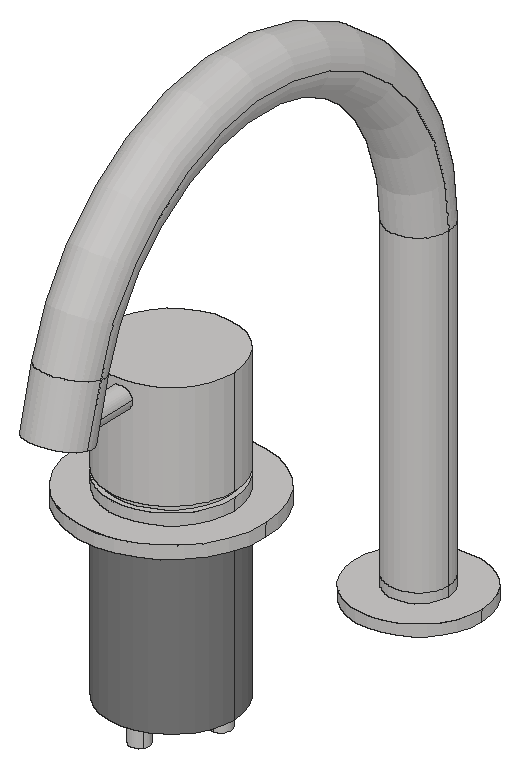
Revit family "590G", category Plumbing Fixtures, Revit 2021
Family settings
  Round Connector Dimension = Use Diameter
  Part Type = Normal
  Work Plane-Based = No
  Always vertical = Yes
  Cut with Voids When Loaded = No
  Shared = No
  Room Calculation Point = No
Parameters
  e-mail = "info@vola.com"
  URL = "http://vola.com"
  Telephone = "+45 7023 5500"
  Quality management standard = "ISO 9001"
  Organisation no. / DUNS no. = "17531328"
  Occupational health and safety management standard = "ISO 18001"
  Mounting Instructions = "http://vola.com/service/producturl.ashx?name=590G"
  Model = "590G"
  Materials and components information = "http://vola.com/service/producturl.ashx?name=590G"
  Manufacturer = "VOLA A/S"
  Maintenance Instructions = "http://vola.com/service/producturl.ashx?name=590G"
  Guarantee = "2 years"
  Flow = "9,00 l/min"
  Environmental management standard = "ISO 14000"
  Default Elevation = 0.00 mm
  Connection - All relevant connections = "10mm flexible hose"
  Approvals = "http://vola.com/service/producturl.ashx?name=590G"
Reference planes
  plane 1 "Center (Front/Back)": y = 0
  plane 2: z = 0
  plane 3 "Center (Left/Right)": x = 0
Dimensions and locks
  aligned and locked: plane 2 to level
Nested families
  nested 1: "090G" at (0, 0, 0), type "090G"
  nested 2: "500" at (-78, 0, 0), type "500"
Connectors
  piping at (-67.175, 6.25, -63), diameter 6
    settings: on nested 2, index 1, connector inside diameter 0.23622", connector length 0.00 mm, flow factor 0, pipe flow 0 GPM, pressure drop 0.00 psi, fitting loss kfactor 0, connector angle 0.00°, fixture units 0, engagement length 0.00 mm, angle of deflection 0.00°, flow configuration 0, flow direction 1, fitting loss method 0, system type 20, joint type 0, gender type 0, connector reference index -1, connector utility 0, adjustable connector no, is connector primary yes, connector description ""
  piping at (-88.825, 6.25, -63), diameter 6
    settings: on nested 2, index 2, connector inside diameter 0.23622", connector length 0.00 mm, flow factor 0, pipe flow 0 GPM, pressure drop 0.00 psi, fitting loss kfactor 0, connector angle 0.00°, fixture units 0, engagement length 0.00 mm, angle of deflection 0.00°, flow configuration 0, flow direction 1, fitting loss method 0, system type 19, joint type 0, gender type 0, connector reference index -1, connector utility 0, adjustable connector no, is connector primary no, connector description ""
Definition of nested family "090G"
  Parameters
    e-mail = "info@vola.com"
    URL = "http://vola.com"
    Telephone = "+45 7023 5500"
    Quality management standard = "ISO 9001"
    Organisation no. / DUNS no. = "17531328"
    Occupational health and safety management standard = "ISO 18001"
    Mounting Instructions = "http://vola.com/service/producturl.ashx?name=090G"
    Model = "090G"
    Materials and components information = "http://vola.com/service/producturl.ashx?name=090G"
    Manufacturer = "VOLA A/S"
    Maintenance Instructions = "http://vola.com/service/producturl.ashx?name=090G"
    Guarantee = "2 years"
    Environmental management standard = "ISO 14000"
    Default Elevation = 0.00 mm
    Connection - All relevant connections = ""
    Approvals = "http://vola.com/service/producturl.ashx?name=090G"
  Reference planes
    plane 1 "Center (Front/Back)": y = 0
    plane 2: z = 0
    plane 3 "Center (Left/Right)": x = 0
  Forms (mm)
    Sweep 1, solid
      path origin (0, 0, 0) x (0, 1, 0) y (0, 0, 1)
        loop
          arc (-137.281, 124.773) -> (-60.715, 175.933) -> (0, 106.7) r 69.83
          line (0, 106.7) -> (0, 6.5)
      profile origin (0, 0, 56.6) x (1, 0, 0) y (0, 1, 0)
        loop
          circle (0, 0) r 9.5
    Extrusion 2, solid
      sketch origin (0, 0, 0) x (1, 0, 0) y (0, 1, 0)
        loop
          circle (0, 0) r 20
      from 0 to 3.5
    Extrusion 3, solid
      sketch origin (0, 0, 3.5) x (1, 0, 0) y (0, 1, 0)
        loop
          circle (0, 0) r 9.5
      from 0 to 3
    Extrusion 4, solid
      sketch origin (0, -137.281, 124.773) x (0, 0.965926, -0.258819) y (1, 0, 0)
        loop
          circle (0, 0) r 9.5
      from 0 to 18.5
  Cuts and joins
    joined: Sweep 1, Extrusion 2
  Dimensions and locks
    aligned and locked: plane 2 to level
Definition of nested family "500"
  Parameters
    e-mail = "info@vola.com"
    URL = "http://vola.com"
    Telephone = "+45 7023 5500"
    Quality management standard = "ISO 9001"
    Organisation no. / DUNS no. = "17531328"
    Occupational health and safety management standard = "ISO 18001"
    Mounting Instructions = "http://vola.com/service/producturl.ashx?name=500"
    Model = "500"
    Materials and components information = "http://vola.com/service/producturl.ashx?name=500"
    Manufacturer = "VOLA A/S"
    Maintenance Instructions = "http://vola.com/service/producturl.ashx?name=500"
    Guarantee = "2 years"
    Flow = "14,50 l/min"
    Environmental management standard = "ISO 14000"
    Default Elevation = 0.00 mm
    Connection - All relevant connections = "10mm flexible hose"
    Approvals = "http://vola.com/service/producturl.ashx?name=500"
  Reference planes
    plane 1 "Center (Front/Back)": y = 0
    plane 2: z = 0
    plane 3 "Center (Left/Right)": x = 0
  Forms (mm)
    Extrusion 1, solid
      sketch origin (0, 0, 0) x (1, 0, 0) y (0, 1, 0)
        loop
          circle (0, 0) r 30
      from 0 to 4
    Extrusion 2, solid
      sketch origin (0, 0, 7.5) x (1, 0, 0) y (0, 1, 0)
        loop
          circle (0, 0) r 18.25
      from 0 to 2
    Extrusion 3, solid
      sketch origin (0, 0, 9.5) x (1, 0, 0) y (0, 1, 0)
        loop
          circle (0, 0) r 20
      from 0 to 33.5
    Extrusion 4, solid
      sketch origin (0, 0, 3.25) x (1, 0, 0) y (0, 0, 1)
        loop
          circle (0, 34.5) r 3.5
      from 0 to 46
    Extrusion 5, solid
      sketch origin (0, 0, 0) x (0, 1, 0) y (1, 0, 0)
        loop
          circle (0, 0) r 20
      from 0 to 55
    Extrusion 6, solid
      sketch origin (0, 0, -55) x (0, 1, 0) y (1, 0, 0)
        loop
          circle (6.25, 10.825) r 3
        loop
          circle (6.25, -10.825) r 3
        loop
          circle (-12.5, 0) r 3
      from 0 to 8
    Extrusion 7, solid
      sketch origin (0, 0, 4) x (1, 0, 0) y (0, 1, 0)
        loop
          circle (0, 0) r 20
      from 0 to 3.5
  Cuts and joins
    joined: Extrusion 3, Extrusion 4
  Lines and regions (mm)
    model lines
      curve 1: line (6.05, -19.063, 43) -> (6.05, 19.063, 43)
      curve 2: line (-6.05, -19.063, 43) -> (-6.05, 19.063, 43)
    reference lines
      curve 3: line (-10.825, 6.25, -55) -> (-10.825, 6.25, -80)
      curve 4: line (10.825, 6.25, -55) -> (10.825, 6.25, -80)
  Dimensions and locks
    aligned and locked: plane 2 to level
